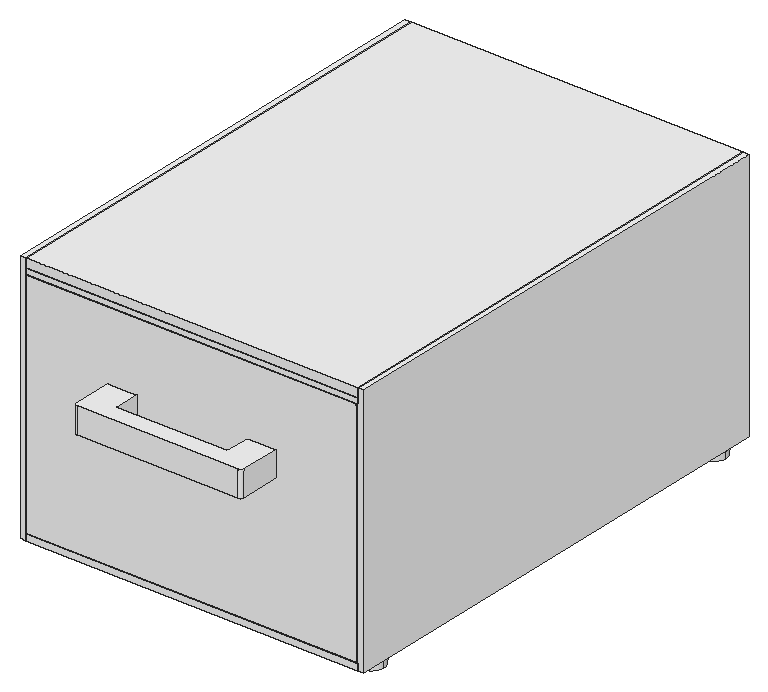
Revit family "QF_Vollrath_SBB12", category Specialty Equipment, Revit 2016
Family settings
  Part Type = Normal
  Round Connector Dimension = Use Diameter
  OmniClass Number = 23.40.40.00
  OmniClass Title = Food Service Equipment and Furnishings
  Work Plane-Based = Yes
  Always vertical = Yes
  Cut with Voids When Loaded = No
  Shared = No
  Room Calculation Point = No
Parameters
  Width = 10"
  Weight in Pounds = 0
  Watermarked By = ""
  URL Cutsheet = ""
  Specification by User [instance] = ""
  Specification by Manufacturer [instance] = ""
  Serial Number [instance] = ""
  Revision Code [instance] = ""
  NAFEM Spec ID Number [instance] = ""
  Model = "SBB12"
  Masterspec [instance] = ""
  Manufacturer = "Vollrath"
  Item Number [instance] = "-"
  Installed By [instance] = ""
  Height = 7 3/8"
  Furnished By [instance] = ""
  Foodservice Equipment Identifier = yes
  Description = "1/2 Display Bin with Drawer"
  Depth = 14"
  Default Elevation = 48"
  CSI MasterFormat = ""
Reference planes (in)
  plane 1 "BACK": y = 0
  plane 2 "BOTTOM": z = 0
  plane 3 "LEFT": x = -16.56573
  plane 4 "RIGHT": x = -6.56573
  plane 5 "Front Inner": y = -14
  plane 6 "FRONT": y = -15.2462
  plane 7 "Bottom of Body": z = 0.38
  plane 8 "TOP": z = 7.755
  plane 9: z = 5.305
  plane 10 "Bottom Handle": z = 4.555
  plane 11 "Caster Left": x = -16.00573
  plane 12 "Caster Right": x = -7.12573
  plane 13 "Caster Back": y = -0.56
  plane 14 "Caster Front": y = -13
  plane 15 "Center LR": x = -11.56573
  plane 16: x = -14.00323
  plane 17: x = -9.12823
Forms (in)
  Extrusion 1, solid, material "QF_Plastic-White-Transparent"
    sketch origin (0, 0, 0) x (1, 0, 0) y (0, 0, 1)
      loop
        line (-16.56573, 7.755) -> (-16.56573, 0.38) -> (-16.39573, 0.38) -> (-16.39573, 7.755) -> (-16.56573, 7.755)
    from 0 to 14
  Extrusion 2, solid, material "QF_Plastic-White-Transparent"
    sketch origin (0, 0, 0) x (1, 0, 0) y (0, 0, 1)
      loop
        line (-6.56573, 7.755) -> (-6.73573, 7.755) -> (-6.73573, 0.38) -> (-6.56573, 0.38) -> (-6.56573, 7.755)
    from 0 to 14
  Extrusion 3, solid, material "QF_Plastic-White-Transparent"
    sketch origin (0, 0, 0) x (1, 0, 0) y (0, 0, 1)
      loop
        line (-16.39573, 0.38) -> (-6.73573, 0.38) -> (-6.73573, 0.55) -> (-16.39573, 0.55) -> (-16.39573, 0.38)
    from 0 to 14
  Extrusion 4, solid, material "QF_Plastic-White-Transparent"
    sketch origin (0, 0, 0) x (1, 0, 0) y (0, 0, 1)
      loop
        line (-16.39573, 7.755) -> (-16.39573, 7.505) -> (-6.73573, 7.505) -> (-6.73573, 7.755) -> (-16.39573, 7.755)
    from 0 to 14
  Extrusion 5, solid, material "QF_Plastic-White-Transparent"
    sketch origin (0, 0, 0) x (1, 0, 0) y (0, 0, 1)
      loop
        line (-16.39573, 7.505) -> (-16.39573, 7.335) -> (-6.73573, 7.335) -> (-6.73573, 7.505) -> (-16.39573, 7.505)
    from 0 to 14
  Extrusion 6, solid, material "QF_Plastic-White-Transparent"
    sketch origin (0, 0, 0) x (1, 0, 0) y (0, 0, 1)
      loop
        line (-6.73573, 7.335) -> (-16.39573, 7.335) -> (-16.39573, 0.55) -> (-6.73573, 0.55) -> (-6.73573, 7.335)
    from 0 to 0.17
  Extrusion 7, solid, material "QF_Plastic-White-Transparent"
    sketch origin (0, -14, 0) x (1, 0, 0) y (0, 0, 1)
      loop
        arc (-6.79573, 0.58) -> (-6.77451, 0.58879) -> (-6.76573, 0.61) r 0.03
        line (-6.76573, 0.61) -> (-6.76573, 7.275)
        arc (-6.76573, 7.275) -> (-6.77451, 7.29621) -> (-6.79573, 7.305) r 0.03
        line (-6.79573, 7.305) -> (-16.33573, 7.305)
        arc (-16.33573, 7.305) -> (-16.35694, 7.29621) -> (-16.36573, 7.275) r 0.03
        line (-16.36573, 7.275) -> (-16.36573, 0.61)
        arc (-16.36573, 0.61) -> (-16.35694, 0.58879) -> (-16.33573, 0.58) r 0.03
        line (-16.33573, 0.58) -> (-6.79573, 0.58)
    from 0 to -0.17
  Extrusion 8, solid, material "QF_Plastic-White-Transparent"
    sketch origin (0, -14, 0) x (1, 0, 0) y (0, 0, 1)
      loop
        line (-16.36573, 4.175) -> (-16.36573, 0.61)
        arc (-16.36573, 0.61) -> (-16.35694, 0.58879) -> (-16.33573, 0.58) r 0.03
        line (-16.33573, 0.58) -> (-6.79573, 0.58)
        arc (-6.79573, 0.58) -> (-6.77451, 0.58879) -> (-6.76573, 0.61) r 0.03
        line (-6.76573, 0.61) -> (-6.76573, 4.175) -> (-6.93573, 4.175) -> (-6.93573, 0.75) -> (-16.19573, 0.75) -> (-16.19573, 4.175) -> (-16.36573, 4.175)
    from -0.17 to -13.44
  Extrusion 9, solid, material "QF_Plastic-White-Transparent"
    sketch origin (0, -0.56, 0) x (1, 0, 0) y (0, 0, 1)
      loop
        line (-6.76573, 4.555) -> (-16.36573, 4.555) -> (-16.36573, 0.61)
        arc (-16.36573, 0.61) -> (-16.35694, 0.58879) -> (-16.33573, 0.58) r 0.03
        line (-16.33573, 0.58) -> (-6.79573, 0.58)
        arc (-6.79573, 0.58) -> (-6.77451, 0.58879) -> (-6.76573, 0.61) r 0.03
        line (-6.76573, 0.61) -> (-6.76573, 4.555)
    from 0 to -0.17
  Extrusion 10, solid, material "QF_Plastic-White-Transparent"
    sketch origin (0, 0, 4.555) x (0, 1, 0) y (-1, 0, 0)
      loop
        line (-14, 14.00323) -> (-15.1462, 14.00323)
        arc (-15.1462, 14.00323) -> (-15.21691, 13.97394) -> (-15.2462, 13.90323) r 0.1
        line (-15.2462, 13.90323) -> (-15.2462, 9.22823)
        arc (-15.2462, 9.22823) -> (-15.21691, 9.15751) -> (-15.1462, 9.12823) r 0.1
        line (-15.1462, 9.12823) -> (-14, 9.12823) -> (-14, 9.94823) -> (-14.6862, 9.94823)
        arc (-14.6862, 9.94823) -> (-14.72156, 9.96287) -> (-14.7362, 9.99823) r 0.05
        line (-14.7362, 9.99823) -> (-14.7362, 13.13323)
        arc (-14.7362, 13.13323) -> (-14.72156, 13.16858) -> (-14.6862, 13.18323) r 0.05
        line (-14.6862, 13.18323) -> (-14, 13.18323) -> (-14, 14.00323)
    from 0 to 0.75
  Blend 11, solid, material "QF_Plastic-White-Transparent"
    base sketch origin (0, 0, 0) x (1, 0, 0) y (0, 1, 0)
      loop
        circle (-16.00573, -0.56) r 0.35
    top sketch origin (0, 0, 0) x (1, 0, 0) y (0, 1, 0)
      loop
        circle (-16.00573, -0.56) r 0.38
    from 0 to 0.38
  Blend 12, solid, material "QF_Plastic-White-Transparent"
    base sketch origin (0, 0, 0) x (1, 0, 0) y (0, 1, 0)
      loop
        circle (-7.12573, -0.56) r 0.35
    top sketch origin (0, 0, 0) x (1, 0, 0) y (0, 1, 0)
      loop
        circle (-7.12573, -0.56) r 0.38
    from 0 to 0.38
  Blend 13, solid, material "QF_Plastic-White-Transparent"
    base sketch origin (0, 0, 0) x (1, 0, 0) y (0, 1, 0)
      loop
        circle (-16.00573, -13) r 0.35
    top sketch origin (0, 0, 0) x (1, 0, 0) y (0, 1, 0)
      loop
        circle (-16.00573, -13) r 0.38
    from 0 to 0.38
  Blend 14, solid, material "QF_Plastic-White-Transparent"
    base sketch origin (0, 0, 0) x (1, 0, 0) y (0, 1, 0)
      loop
        circle (-7.12573, -13) r 0.35
    top sketch origin (0, 0, 0) x (1, 0, 0) y (0, 1, 0)
      loop
        circle (-7.12573, -13) r 0.38
    from 0 to 0.38
Lines and regions (in)
  symbolic lines
    curve 1: line (-16.56573, 0, 0) -> (-6.56573, 0, 0)
    curve 2: line (-16.56573, -14, 0) -> (-16.56573, 0, 0)
    curve 3: line (-6.56573, -14, 0) -> (-16.56573, -14, 0)
    curve 4: line (-6.56573, 0, 0) -> (-6.56573, -14, 0)
    curve 5: line (-13.90323, -15.2462, 0) -> (-9.22823, -15.2462, 0)
    curve 6: line (-9.99823, -14.7362, 0) -> (-13.13323, -14.7362, 0)
    curve 7: line (-13.18323, -14.6862, 0) -> (-13.18323, -14, 0)
    curve 8: arc (-13.13323, -14.7362, 0) -> (-13.16858, -14.72156, 0) -> (-13.18323, -14.6862, 0) r 0.05
    curve 9: arc (-9.94823, -14.6862, 0) -> (-9.96287, -14.72156, 0) -> (-9.99823, -14.7362, 0) r 0.05
    curve 10: line (-9.94823, -14, 0) -> (-9.94823, -14.6862, 0)
    curve 11: arc (-14.00323, -15.1462, 0) -> (-13.97394, -15.21691, 0) -> (-13.90323, -15.2462, 0) r 0.1
    curve 12: line (-14.00323, -14, 0) -> (-14.00323, -15.1462, 0)
    curve 13: line (-9.12823, -15.1462, 0) -> (-9.12823, -14, 0)
    curve 14: arc (-9.22823, -15.2462, 0) -> (-9.15751, -15.21691, 0) -> (-9.12823, -15.1462, 0) r 0.1
Dimensions and locks (in)
  "Width": plane 3 "LEFT" to plane 4 "RIGHT"
  "Depth": plane 5 "Front Inner" to plane 1 "BACK"
  locked: plane 6 "FRONT" to plane 5 "Front Inner" at 1.2462
  locked: plane 7 "Bottom of Body" to plane 2 "BOTTOM" at 0.38
  "Height": plane 8 "TOP" to plane 7 "Bottom of Body"
  locked: plane 8 "TOP" to plane 9 at 2.45
  locked: plane 9 to plane 10 "Bottom Handle" at 0.75
  locked: plane 3 "LEFT" to plane 11 "Caster Left" at 0.56
  locked: plane 12 "Caster Right" to plane 4 "RIGHT" at 0.56
  locked: plane 13 "Caster Back" to plane 1 "BACK" at 0.56
  locked: plane 5 "Front Inner" to plane 14 "Caster Front" at 1
  locked: plane 3 "LEFT" to Extrusion 1 sketch curve at 0.17
  locked: Extrusion 2 sketch curve to plane 4 "RIGHT" at 0.17
  locked: Extrusion 3 sketch curve to plane 7 "Bottom of Body" at 0.17
  locked: plane 8 "TOP" to Extrusion 5 sketch curve at 0.42
  locked: plane 8 "TOP" to Extrusion 5 sketch curve at 0.25
  equal spacing: plane 3 "LEFT", plane 15 "Center LR", plane 4 "RIGHT"
  equal spacing: plane 16, plane 15 "Center LR", plane 17
  locked: plane 16 to plane 17 at 4.875
  aligned and locked: level to plane 2 "BOTTOM"
  aligned and locked: Extrusion 1 sketch curve to plane 3 "LEFT"
  aligned and locked: plane 8 "TOP" to Extrusion 1 sketch curve
  aligned and locked: Extrusion 1 sketch curve to plane 7 "Bottom of Body"
  aligned and locked: Extrusion 2 sketch curve to plane 4 "RIGHT"
  aligned and locked: Extrusion 2 sketch curve to plane 7 "Bottom of Body"
  aligned and locked: plane 8 "TOP" to Extrusion 2 sketch curve
  aligned and locked: plane 5 "Front Inner" to Extrusion 1
  aligned and locked: plane 5 "Front Inner" to Extrusion 2
  aligned and locked: Extrusion 3 sketch curve to plane 7 "Bottom of Body"
  aligned and locked: Extrusion 3 sketch curve to Extrusion 1
  aligned and locked: Extrusion 3 sketch curve to Extrusion 2
  aligned and locked: Extrusion 4 sketch curve to plane 8 "TOP"
  aligned and locked: Extrusion 1 to Extrusion 4 sketch curve
  aligned and locked: Extrusion 4 sketch curve to Extrusion 2
  aligned and locked: Extrusion 1 to Extrusion 5 sketch curve
  aligned and locked: Extrusion 5 sketch curve to Extrusion 2
  aligned and locked: plane 5 "Front Inner" to Extrusion 4
  aligned and locked: plane 5 "Front Inner" to Extrusion 5
  aligned and locked: plane 5 "Front Inner" to Extrusion 3
  aligned and locked: Extrusion 6 sketch curve to Extrusion 5  (x2)
  aligned and locked: Extrusion 6 sketch curve to Extrusion 3  (x2)
  aligned and locked: Extrusion 9 sketch curve to plane 10 "Bottom Handle"
  aligned and locked: plane 5 "Front Inner" to Extrusion 10 sketch curve  (x2)
  aligned and locked: Extrusion 10 sketch curve to plane 6 "FRONT"
  aligned and locked: plane 9 to Extrusion 10
  aligned and locked: plane 7 "Bottom of Body" to Blend 11
  aligned and locked: plane 7 "Bottom of Body" to Blend 12
  aligned and locked: plane 7 "Bottom of Body" to Blend 13
  aligned and locked: plane 7 "Bottom of Body" to Blend 14
  aligned and locked: curve 1 to Extrusion 1
  aligned and locked: curve 2 to Extrusion 1
  aligned and locked: curve 3 to Extrusion 2
  aligned and locked: curve 4 to Extrusion 2
  aligned and locked: Extrusion 10 to curve 5
  aligned and locked: Extrusion 10 to curve 6
Automatic sketch dimensions
  Extrusion 4 sketch curve to Extrusion 4 sketch curve = 1/4"
  plane 3 "LEFT" to Extrusion 7 sketch curve = 0.2"
  Extrusion 7 sketch curve to Extrusion 7 sketch curve = 0.03"  (x3)
  Extrusion 7 sketch curve to plane 4 "RIGHT" = 0.23"  (x2)
  plane 7 "Bottom of Body" to Extrusion 7 sketch curve = 0.2"
  Extrusion 7 sketch curve to plane 8 "TOP" = 0.48"
  plane 3 "LEFT" to Extrusion 8 sketch curve = 0.2"
  Extrusion 8 sketch curve to Extrusion 8 sketch curve = 0.03"  (x2)
  Extrusion 8 sketch curve to plane 11 "Caster Left" = 0.19"
  plane 12 "Caster Right" to Extrusion 8 sketch curve = 0.19"
  Extrusion 8 sketch curve to Extrusion 8 sketch curve = 0.14"  (x2)
  plane 7 "Bottom of Body" to Extrusion 8 sketch curve = 0.2"
  Extrusion 8 sketch curve to plane 10 "Bottom Handle" = 0.38"  (x2)
  plane 3 "LEFT" to Extrusion 9 sketch curve = 0.2"
  Extrusion 9 sketch curve to plane 4 "RIGHT" = 0.2"
  plane 7 "Bottom of Body" to Extrusion 9 sketch curve = 0.23"
  Extrusion 9 sketch curve to Extrusion 9 sketch curve = 0.03"  (x2)
  Extrusion 10 sketch curve to plane 6 "FRONT" = 0.1"  (x2)
  Extrusion 10 sketch curve to plane 6 "FRONT" = 0.51"
  Extrusion 10 sketch curve to Extrusion 10 sketch curve = 0.05"  (x2)
  Extrusion 10 sketch curve to plane 12 "Caster Right" = 2.0025"
  Extrusion 10 sketch curve to Extrusion 10 sketch curve = 0.72"
  plane 11 "Caster Left" to Extrusion 10 sketch curve = 2.8725"
  plane 11 "Caster Left" to Extrusion 10 sketch curve = 2.1025"
  Blend 11 sketch curve to plane 11 "Caster Left" = 0"  (x2)
  plane 13 "Caster Back" to Blend 11 sketch curve = 0"  (x2)
  Blend 12 sketch curve to plane 12 "Caster Right" = 0"  (x2)
  plane 13 "Caster Back" to Blend 12 sketch curve = 0"  (x2)
  Blend 13 sketch curve to plane 11 "Caster Left" = 0"  (x2)
  plane 14 "Caster Front" to Blend 13 sketch curve = 0"  (x2)
  Blend 14 sketch curve to plane 12 "Caster Right" = 0"  (x2)
  plane 14 "Caster Front" to Blend 14 sketch curve = 0"  (x2)
  curve 12 to curve 5 = 0.1"
  curve 6 to curve 10 = 0.05"
  curve 5 to curve 14 = 0.1"
  curve 6 to curve 8 = 0.05"
  curve 12 to plane 16 = 0"
  plane 16 to curve 7 = 0.82"
  curve 13 to plane 17 = 0"
  curve 6 to plane 17 = 0.87"
  radius of Blend 11 sketch curve = 0.35"
  radius of Blend 11 sketch curve = 0.38"
  radius of Blend 12 sketch curve = 0.35"
  radius of Blend 12 sketch curve = 0.38"
  radius of Blend 13 sketch curve = 0.35"
  radius of Blend 13 sketch curve = 0.38"
  radius of Blend 14 sketch curve = 0.35"
  radius of Blend 14 sketch curve = 0.38"
